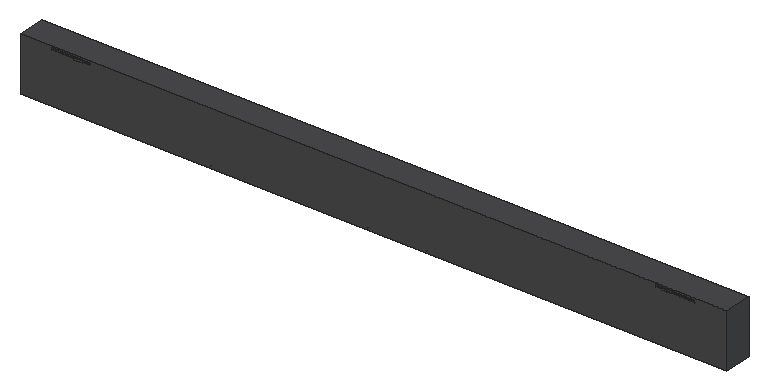
Revit family "DOT BLOCK CEILLING 946_DTSM40N9.1.24", category Luminarias, Revit 2019
Family settings
  Cota de conector redondo = Diámetro de uso
  Tipo de pieza = Normal
  Se basa en plano de trabajo = Sí
  Siempre vertical = Sí
  Corte con vacíos al cargar = No
  Origen de luz = Sí
  Compartido = No
  Punto de cálculo de habitación = No
Parameters (values of type "DOT BLOCK CEILLING 946_DTSM40N9.1.24")
  Ángulo de inclinación = 60.00°
  Zone [instance] = ""
  Watt per fixture = 40
  Wattage = 40 W
  built-in parameter 1150107 = 4000 (stored number, unit not read)
  built-in parameter 1150110 = 1 (stored number, unit not read)
  built-in parameter 1150109 = 1 (stored number, unit not read)
  built-in parameter 1150112 = 1 (stored number, unit not read)
  built-in parameter 1150113 = 1 (stored number, unit not read)
  built-in parameter 1114218 = 1 (stored number, unit not read)
  Keynote = ""
  built-in parameter 1150137 = (empty or 0)
  built-in parameter 1150132 = (empty or 0)
  Modelo = "DTSM40N9.1.24"
  Lámpara = "3030SMD PHILIPS"
  built-in parameter 1150105 = 261.01 (stored number, unit not read)
  built-in parameter 1150102 = (empty or 0)
  built-in parameter 1150106 = 2.6101 (stored number, unit not read)
  Lumens = 3280 lm
  Color Filter = 16777215
  built-in parameter 1114217 = 1 (stored number, unit not read)
  built-in parameter 1150139 = (empty or 0)
  Fabricante = "BRILLANT"
  Default Elevation = 1219.2 mm
  built-in parameter 1150104 = 7.618 (stored number, unit not read)
  Descripción = "LUMINARIA DOWNLIGHT EN FORMATO RECTANGULAR PARA SOBREPONER DIRECTO EN TECHO, CUERPO DE ALUMINIO ACABADO EN COLOR NEGRO, IP 20, PESO 1.98Kg, TIPO DE LED 3030SMD PHILIPS CON 40W TOTAL, 3200 LUMENES, 82LM/W, IRC 90, TEMPERATURA EN BLANCO FRIO 4000K, 50 MIL HORAS DE VIDA PROMEDIO, APERTURA DE 24 GRADOS POR STOCK, ALIMENTADO A 90-240V"
  built-in parameter 1150115 = 1 (stored number, unit not read)
  built-in parameter 1150114 = 1 (stored number, unit not read)
  Comentarios de vataje = "90-240V"
  built-in parameter 1150138 = (empty or 0)
  built-in parameter 1150134 = 12
  Circuit [instance] = ""
  Dimming Lamp Color Temperature Shift = (empty or 0)
  Archivo de red fotométrica = "L964A-40W-840-B-24_IESNA95.IES"
  built-in parameter 1150133 = 10 (stored number, unit not read)
Reference planes
  plane 1 "Centro (Frontal/Posterior)": y = 0
  plane 2: z = 0
  plane 3 "Centro (Izquierda/Derecha)": x = 0
Forms (mm)
  Extrusion 1, solid, material "Default Form", not visible
    sketch origin (0, 0, 0) x (1, 0, 0) y (0, 0, 1)
      loop
        line (-473, 0) -> (-473, -72) -> (473, -72) -> (473, 0) -> (-473, 0)
    from -18.326 to 18.326
  Blend 2, void, not visible
    base sketch origin (-293.63, 0, 0) x (1, 0, 0) y (0, 1, 0)
      loop
        line (-162, 16.149) -> (-162, -16.149) -> (-144.14, -16.149) -> (-144.14, 16.149) -> (-162, 16.149)
    top sketch origin (-293.63, 0, 0) x (1, 0, 0) y (0, 1, 0)
      loop
        line (-160, 12.149) -> (-160, -12.149) -> (-146.14, -12.149) -> (-146.14, 12.149) -> (-160, 12.149)
    from -72 to -61.591
  Blend 3, void, not visible
    base sketch origin (-267.33, 0, 0) x (1, 0, 0) y (0, 1, 0)
      loop
        line (-162, 16.149) -> (-162, -16.149) -> (-144.14, -16.149) -> (-144.14, 16.149) -> (-162, 16.149)
    top sketch origin (-267.33, 0, 0) x (1, 0, 0) y (0, 1, 0)
      loop
        line (-160, 12.149) -> (-160, -12.149) -> (-146.14, -12.149) -> (-146.14, 12.149) -> (-160, 12.149)
    from -72 to -61.591
  Blend 4, void, not visible
    base sketch origin (-241.03, 0, 0) x (1, 0, 0) y (0, 1, 0)
      loop
        line (-162, 16.149) -> (-162, -16.149) -> (-144.14, -16.149) -> (-144.14, 16.149) -> (-162, 16.149)
    top sketch origin (-241.03, 0, 0) x (1, 0, 0) y (0, 1, 0)
      loop
        line (-160, 12.149) -> (-160, -12.149) -> (-146.14, -12.149) -> (-146.14, 12.149) -> (-160, 12.149)
    from -72 to -61.591
  Blend 5, void, not visible
    base sketch origin (-214.73, 0, 0) x (1, 0, 0) y (0, 1, 0)
      loop
        line (-162, 16.149) -> (-162, -16.149) -> (-144.14, -16.149) -> (-144.14, 16.149) -> (-162, 16.149)
    top sketch origin (-214.73, 0, 0) x (1, 0, 0) y (0, 1, 0)
      loop
        line (-160, 12.149) -> (-160, -12.149) -> (-146.14, -12.149) -> (-146.14, 12.149) -> (-160, 12.149)
    from -72 to -61.591
  Blend 6, void, not visible
    base sketch origin (-188.43, 0, 0) x (1, 0, 0) y (0, 1, 0)
      loop
        line (-162, 16.149) -> (-162, -16.149) -> (-144.14, -16.149) -> (-144.14, 16.149) -> (-162, 16.149)
    top sketch origin (-188.43, 0, 0) x (1, 0, 0) y (0, 1, 0)
      loop
        line (-160, 12.149) -> (-160, -12.149) -> (-146.14, -12.149) -> (-146.14, 12.149) -> (-160, 12.149)
    from -72 to -61.591
  Blend 7, void, not visible
    base sketch origin (-162.13, 0, 0) x (1, 0, 0) y (0, 1, 0)
      loop
        line (-162, 16.149) -> (-162, -16.149) -> (-144.14, -16.149) -> (-144.14, 16.149) -> (-162, 16.149)
    top sketch origin (-162.13, 0, 0) x (1, 0, 0) y (0, 1, 0)
      loop
        line (-160, 12.149) -> (-160, -12.149) -> (-146.14, -12.149) -> (-146.14, 12.149) -> (-160, 12.149)
    from -72 to -61.591
  Blend 8, void, not visible
    base sketch origin (-135.83, 0, 0) x (1, 0, 0) y (0, 1, 0)
      loop
        line (-162, 16.149) -> (-162, -16.149) -> (-144.14, -16.149) -> (-144.14, 16.149) -> (-162, 16.149)
    top sketch origin (-135.83, 0, 0) x (1, 0, 0) y (0, 1, 0)
      loop
        line (-160, 12.149) -> (-160, -12.149) -> (-146.14, -12.149) -> (-146.14, 12.149) -> (-160, 12.149)
    from -72 to -61.591
  Blend 9, void, not visible
    base sketch origin (-109.53, 0, 0) x (1, 0, 0) y (0, 1, 0)
      loop
        line (-162, 16.149) -> (-162, -16.149) -> (-144.14, -16.149) -> (-144.14, 16.149) -> (-162, 16.149)
    top sketch origin (-109.53, 0, 0) x (1, 0, 0) y (0, 1, 0)
      loop
        line (-160, 12.149) -> (-160, -12.149) -> (-146.14, -12.149) -> (-146.14, 12.149) -> (-160, 12.149)
    from -72 to -61.591
  Blend 10, void, not visible
    base sketch origin (-83.23, 0, 0) x (1, 0, 0) y (0, 1, 0)
      loop
        line (-162, 16.149) -> (-162, -16.149) -> (-144.14, -16.149) -> (-144.14, 16.149) -> (-162, 16.149)
    top sketch origin (-83.23, 0, 0) x (1, 0, 0) y (0, 1, 0)
      loop
        line (-160, 12.149) -> (-160, -12.149) -> (-146.14, -12.149) -> (-146.14, 12.149) -> (-160, 12.149)
    from -72 to -61.591
  Blend 11, void, not visible
    base sketch origin (-56.93, 0, 0) x (1, 0, 0) y (0, 1, 0)
      loop
        line (-162, 16.149) -> (-162, -16.149) -> (-144.14, -16.149) -> (-144.14, 16.149) -> (-162, 16.149)
    top sketch origin (-56.93, 0, 0) x (1, 0, 0) y (0, 1, 0)
      loop
        line (-160, 12.149) -> (-160, -12.149) -> (-146.14, -12.149) -> (-146.14, 12.149) -> (-160, 12.149)
    from -72 to -61.591
  Blend 12, void, not visible
    base sketch origin (-30.63, 0, 0) x (1, 0, 0) y (0, 1, 0)
      loop
        line (-162, 16.149) -> (-162, -16.149) -> (-144.14, -16.149) -> (-144.14, 16.149) -> (-162, 16.149)
    top sketch origin (-30.63, 0, 0) x (1, 0, 0) y (0, 1, 0)
      loop
        line (-160, 12.149) -> (-160, -12.149) -> (-146.14, -12.149) -> (-146.14, 12.149) -> (-160, 12.149)
    from -72 to -61.591
  Blend 13, void, not visible
    base sketch origin (-4.33, 0, 0) x (1, 0, 0) y (0, 1, 0)
      loop
        line (-162, 16.149) -> (-162, -16.149) -> (-144.14, -16.149) -> (-144.14, 16.149) -> (-162, 16.149)
    top sketch origin (-4.33, 0, 0) x (1, 0, 0) y (0, 1, 0)
      loop
        line (-160, 12.149) -> (-160, -12.149) -> (-146.14, -12.149) -> (-146.14, 12.149) -> (-160, 12.149)
    from -72 to -61.591
  Blend 14, void, not visible
    base sketch origin (21.97, 0, 0) x (1, 0, 0) y (0, 1, 0)
      loop
        line (-162, 16.149) -> (-162, -16.149) -> (-144.14, -16.149) -> (-144.14, 16.149) -> (-162, 16.149)
    top sketch origin (21.97, 0, 0) x (1, 0, 0) y (0, 1, 0)
      loop
        line (-160, 12.149) -> (-160, -12.149) -> (-146.14, -12.149) -> (-146.14, 12.149) -> (-160, 12.149)
    from -72 to -61.591
  Blend 15, void, not visible
    base sketch origin (48.27, 0, 0) x (1, 0, 0) y (0, 1, 0)
      loop
        line (-162, 16.149) -> (-162, -16.149) -> (-144.14, -16.149) -> (-144.14, 16.149) -> (-162, 16.149)
    top sketch origin (48.27, 0, 0) x (1, 0, 0) y (0, 1, 0)
      loop
        line (-160, 12.149) -> (-160, -12.149) -> (-146.14, -12.149) -> (-146.14, 12.149) -> (-160, 12.149)
    from -72 to -61.591
  Blend 16, void, not visible
    base sketch origin (74.57, 0, 0) x (1, 0, 0) y (0, 1, 0)
      loop
        line (-162, 16.149) -> (-162, -16.149) -> (-144.14, -16.149) -> (-144.14, 16.149) -> (-162, 16.149)
    top sketch origin (74.57, 0, 0) x (1, 0, 0) y (0, 1, 0)
      loop
        line (-160, 12.149) -> (-160, -12.149) -> (-146.14, -12.149) -> (-146.14, 12.149) -> (-160, 12.149)
    from -72 to -61.591
  Blend 17, void, not visible
    base sketch origin (100.87, 0, 0) x (1, 0, 0) y (0, 1, 0)
      loop
        line (-162, 16.149) -> (-162, -16.149) -> (-144.14, -16.149) -> (-144.14, 16.149) -> (-162, 16.149)
    top sketch origin (100.87, 0, 0) x (1, 0, 0) y (0, 1, 0)
      loop
        line (-160, 12.149) -> (-160, -12.149) -> (-146.14, -12.149) -> (-146.14, 12.149) -> (-160, 12.149)
    from -72 to -61.591
  Blend 18, void, not visible
    base sketch origin (127.17, 0, 0) x (1, 0, 0) y (0, 1, 0)
      loop
        line (-162, 16.149) -> (-162, -16.149) -> (-144.14, -16.149) -> (-144.14, 16.149) -> (-162, 16.149)
    top sketch origin (127.17, 0, 0) x (1, 0, 0) y (0, 1, 0)
      loop
        line (-160, 12.149) -> (-160, -12.149) -> (-146.14, -12.149) -> (-146.14, 12.149) -> (-160, 12.149)
    from -72 to -61.591
  Blend 19, void, not visible
    base sketch origin (153.47, 0, 0) x (1, 0, 0) y (0, 1, 0)
      loop
        line (-162, 16.149) -> (-162, -16.149) -> (-144.14, -16.149) -> (-144.14, 16.149) -> (-162, 16.149)
    top sketch origin (153.47, 0, 0) x (1, 0, 0) y (0, 1, 0)
      loop
        line (-160, 12.149) -> (-160, -12.149) -> (-146.14, -12.149) -> (-146.14, 12.149) -> (-160, 12.149)
    from -72 to -61.591
  Blend 20, void, not visible
    base sketch origin (179.77, 0, 0) x (1, 0, 0) y (0, 1, 0)
      loop
        line (-162, 16.149) -> (-162, -16.149) -> (-144.14, -16.149) -> (-144.14, 16.149) -> (-162, 16.149)
    top sketch origin (179.77, 0, 0) x (1, 0, 0) y (0, 1, 0)
      loop
        line (-160, 12.149) -> (-160, -12.149) -> (-146.14, -12.149) -> (-146.14, 12.149) -> (-160, 12.149)
    from -72 to -61.591
  Blend 21, void, not visible
    base sketch origin (206.07, 0, 0) x (1, 0, 0) y (0, 1, 0)
      loop
        line (-162, 16.149) -> (-162, -16.149) -> (-144.14, -16.149) -> (-144.14, 16.149) -> (-162, 16.149)
    top sketch origin (206.07, 0, 0) x (1, 0, 0) y (0, 1, 0)
      loop
        line (-160, 12.149) -> (-160, -12.149) -> (-146.14, -12.149) -> (-146.14, 12.149) -> (-160, 12.149)
    from -72 to -61.591
  Blend 22, void, not visible
    base sketch origin (232.37, 0, 0) x (1, 0, 0) y (0, 1, 0)
      loop
        line (-162, 16.149) -> (-162, -16.149) -> (-144.14, -16.149) -> (-144.14, 16.149) -> (-162, 16.149)
    top sketch origin (232.37, 0, 0) x (1, 0, 0) y (0, 1, 0)
      loop
        line (-160, 12.149) -> (-160, -12.149) -> (-146.14, -12.149) -> (-146.14, 12.149) -> (-160, 12.149)
    from -72 to -61.591
  Blend 23, void, not visible
    base sketch origin (258.67, 0, 0) x (1, 0, 0) y (0, 1, 0)
      loop
        line (-162, 16.149) -> (-162, -16.149) -> (-144.14, -16.149) -> (-144.14, 16.149) -> (-162, 16.149)
    top sketch origin (258.67, 0, 0) x (1, 0, 0) y (0, 1, 0)
      loop
        line (-160, 12.149) -> (-160, -12.149) -> (-146.14, -12.149) -> (-146.14, 12.149) -> (-160, 12.149)
    from -72 to -61.591
  Blend 24, void, not visible
    base sketch origin (284.97, 0, 0) x (1, 0, 0) y (0, 1, 0)
      loop
        line (-162, 16.149) -> (-162, -16.149) -> (-144.14, -16.149) -> (-144.14, 16.149) -> (-162, 16.149)
    top sketch origin (284.97, 0, 0) x (1, 0, 0) y (0, 1, 0)
      loop
        line (-160, 12.149) -> (-160, -12.149) -> (-146.14, -12.149) -> (-146.14, 12.149) -> (-160, 12.149)
    from -72 to -61.591
  Blend 25, void, not visible
    base sketch origin (311.27, 0, 0) x (1, 0, 0) y (0, 1, 0)
      loop
        line (-162, 16.149) -> (-162, -16.149) -> (-144.14, -16.149) -> (-144.14, 16.149) -> (-162, 16.149)
    top sketch origin (311.27, 0, 0) x (1, 0, 0) y (0, 1, 0)
      loop
        line (-160, 12.149) -> (-160, -12.149) -> (-146.14, -12.149) -> (-146.14, 12.149) -> (-160, 12.149)
    from -72 to -61.591
  Blend 26, void, not visible
    base sketch origin (337.57, 0, 0) x (1, 0, 0) y (0, 1, 0)
      loop
        line (-162, 16.149) -> (-162, -16.149) -> (-144.14, -16.149) -> (-144.14, 16.149) -> (-162, 16.149)
    top sketch origin (337.57, 0, 0) x (1, 0, 0) y (0, 1, 0)
      loop
        line (-160, 12.149) -> (-160, -12.149) -> (-146.14, -12.149) -> (-146.14, 12.149) -> (-160, 12.149)
    from -72 to -61.591
  Blend 27, void, not visible
    base sketch origin (363.87, 0, 0) x (1, 0, 0) y (0, 1, 0)
      loop
        line (-162, 16.149) -> (-162, -16.149) -> (-144.14, -16.149) -> (-144.14, 16.149) -> (-162, 16.149)
    top sketch origin (363.87, 0, 0) x (1, 0, 0) y (0, 1, 0)
      loop
        line (-160, 12.149) -> (-160, -12.149) -> (-146.14, -12.149) -> (-146.14, 12.149) -> (-160, 12.149)
    from -72 to -61.591
  Blend 28, void, not visible
    base sketch origin (390.17, 0, 0) x (1, 0, 0) y (0, 1, 0)
      loop
        line (-162, 16.149) -> (-162, -16.149) -> (-144.14, -16.149) -> (-144.14, 16.149) -> (-162, 16.149)
    top sketch origin (390.17, 0, 0) x (1, 0, 0) y (0, 1, 0)
      loop
        line (-160, 12.149) -> (-160, -12.149) -> (-146.14, -12.149) -> (-146.14, 12.149) -> (-160, 12.149)
    from -72 to -61.591
  Blend 29, void, not visible
    base sketch origin (416.47, 0, 0) x (1, 0, 0) y (0, 1, 0)
      loop
        line (-162, 16.149) -> (-162, -16.149) -> (-144.14, -16.149) -> (-144.14, 16.149) -> (-162, 16.149)
    top sketch origin (416.47, 0, 0) x (1, 0, 0) y (0, 1, 0)
      loop
        line (-160, 12.149) -> (-160, -12.149) -> (-146.14, -12.149) -> (-146.14, 12.149) -> (-160, 12.149)
    from -72 to -61.591
  Blend 30, void, not visible
    base sketch origin (442.77, 0, 0) x (1, 0, 0) y (0, 1, 0)
      loop
        line (-162, 16.149) -> (-162, -16.149) -> (-144.14, -16.149) -> (-144.14, 16.149) -> (-162, 16.149)
    top sketch origin (442.77, 0, 0) x (1, 0, 0) y (0, 1, 0)
      loop
        line (-160, 12.149) -> (-160, -12.149) -> (-146.14, -12.149) -> (-146.14, 12.149) -> (-160, 12.149)
    from -72 to -61.591
  Blend 31, void, not visible
    base sketch origin (469.07, 0, 0) x (1, 0, 0) y (0, 1, 0)
      loop
        line (-162, 16.149) -> (-162, -16.149) -> (-144.14, -16.149) -> (-144.14, 16.149) -> (-162, 16.149)
    top sketch origin (469.07, 0, 0) x (1, 0, 0) y (0, 1, 0)
      loop
        line (-160, 12.149) -> (-160, -12.149) -> (-146.14, -12.149) -> (-146.14, 12.149) -> (-160, 12.149)
    from -72 to -61.591
  Blend 32, void, not visible
    base sketch origin (495.37, 0, 0) x (1, 0, 0) y (0, 1, 0)
      loop
        line (-162, 16.149) -> (-162, -16.149) -> (-144.14, -16.149) -> (-144.14, 16.149) -> (-162, 16.149)
    top sketch origin (495.37, 0, 0) x (1, 0, 0) y (0, 1, 0)
      loop
        line (-160, 12.149) -> (-160, -12.149) -> (-146.14, -12.149) -> (-146.14, 12.149) -> (-160, 12.149)
    from -72 to -61.591
  Blend 33, void, not visible
    base sketch origin (521.67, 0, 0) x (1, 0, 0) y (0, 1, 0)
      loop
        line (-162, 16.149) -> (-162, -16.149) -> (-144.14, -16.149) -> (-144.14, 16.149) -> (-162, 16.149)
    top sketch origin (521.67, 0, 0) x (1, 0, 0) y (0, 1, 0)
      loop
        line (-160, 12.149) -> (-160, -12.149) -> (-146.14, -12.149) -> (-146.14, 12.149) -> (-160, 12.149)
    from -72 to -61.591
  Blend 34, void, not visible
    base sketch origin (547.97, 0, 0) x (1, 0, 0) y (0, 1, 0)
      loop
        line (-162, 16.149) -> (-162, -16.149) -> (-144.14, -16.149) -> (-144.14, 16.149) -> (-162, 16.149)
    top sketch origin (547.97, 0, 0) x (1, 0, 0) y (0, 1, 0)
      loop
        line (-160, 12.149) -> (-160, -12.149) -> (-146.14, -12.149) -> (-146.14, 12.149) -> (-160, 12.149)
    from -72 to -61.591
  Blend 35, void, not visible
    base sketch origin (574.27, 0, 0) x (1, 0, 0) y (0, 1, 0)
      loop
        line (-162, 16.149) -> (-162, -16.149) -> (-144.14, -16.149) -> (-144.14, 16.149) -> (-162, 16.149)
    top sketch origin (574.27, 0, 0) x (1, 0, 0) y (0, 1, 0)
      loop
        line (-160, 12.149) -> (-160, -12.149) -> (-146.14, -12.149) -> (-146.14, 12.149) -> (-160, 12.149)
    from -72 to -61.591
  Blend 36, void, not visible
    base sketch origin (600.57, 0, 0) x (1, 0, 0) y (0, 1, 0)
      loop
        line (-162, 16.149) -> (-162, -16.149) -> (-144.14, -16.149) -> (-144.14, 16.149) -> (-162, 16.149)
    top sketch origin (600.57, 0, 0) x (1, 0, 0) y (0, 1, 0)
      loop
        line (-160, 12.149) -> (-160, -12.149) -> (-146.14, -12.149) -> (-146.14, 12.149) -> (-160, 12.149)
    from -72 to -61.591
  Extrusion 37, solid, not visible
    sketch origin (-463.861, 0, 3.217) x (0, -1, 0) y (0, 0, -1)
      loop
        line (18.326, 3.217) -> (-18.326, 3.217) -> (-18.326, 73.917) -> (-32.183, 73.917) -> (-32.183, 72.617) -> (-19.626, 72.617) -> (-19.626, 1.917) -> (19.626, 1.917) -> (19.626, 72.617) -> (32.183, 72.617) -> (32.183, 73.917) -> (18.326, 73.917) -> (18.326, 3.217)
    from 89.098 to 128.24
  Extrusion 38, solid, not visible
    sketch origin (-246.523, 0, 3.217) x (0, -1, 0) y (0, 0, 1)
      loop
        line (-19.626, -1.917) -> (19.626, -1.917) -> (19.626, -63.89) -> (20.426, -63.89) -> (20.426, -1.117) -> (-20.426, -1.117) -> (-20.426, -63.89) -> (-19.626, -63.89) -> (-19.626, -1.917)
    from 122.954 to 124.098
  Extrusion 39, solid, not visible
    sketch origin (-463.861, 0, 3.217) x (0, -1, 0) y (0, 0, -1)
      loop
        line (-19.626, 1.917) -> (-19.626, 63.89) -> (-20.426, 63.89) -> (-20.426, 1.117) -> (20.426, 1.117) -> (20.426, 63.89) -> (19.626, 63.89) -> (19.626, 1.917) -> (-19.626, 1.917)
    from 122.954 to 124.098
  Extrusion 40, void, not visible
    sketch origin (0, 0, 0) x (1, 0, 0) y (0, 1, 0)
      loop
        circle (-363.799, -25.904) r 2.055
      loop
        circle (-346.585, -25.904) r 2.055
      loop
        circle (-363.799, 25.904) r 2.055
      loop
        circle (-346.585, 25.904) r 2.055
    from -70.7 to -69.4
  Blend 41, void
    base sketch origin (74.57, 130.851, 72) x (1, 0, 0) y (0, 1, 0)
      loop
        line (-162, -147) -> (-144.14, -147) -> (-144.14, -114.702) -> (-162, -114.702) -> (-162, -147)
    top sketch origin (74.57, 130.851, 72) x (1, 0, 0) y (0, 1, 0)
      loop
        line (-160, -143) -> (-146.14, -143) -> (-146.14, -118.702) -> (-160, -118.702) -> (-160, -143)
    from -72 to -61.591
  Blend 42, void
    base sketch origin (100.87, 130.851, 72) x (1, 0, 0) y (0, 1, 0)
      loop
        line (-162, -147) -> (-144.14, -147) -> (-144.14, -114.702) -> (-162, -114.702) -> (-162, -147)
    top sketch origin (100.87, 130.851, 72) x (1, 0, 0) y (0, 1, 0)
      loop
        line (-160, -143) -> (-146.14, -143) -> (-146.14, -118.702) -> (-160, -118.702) -> (-160, -143)
    from -72 to -61.591
  Blend 43, void
    base sketch origin (127.17, 130.851, 72) x (1, 0, 0) y (0, 1, 0)
      loop
        line (-162, -147) -> (-144.14, -147) -> (-144.14, -114.702) -> (-162, -114.702) -> (-162, -147)
    top sketch origin (127.17, 130.851, 72) x (1, 0, 0) y (0, 1, 0)
      loop
        line (-160, -143) -> (-146.14, -143) -> (-146.14, -118.702) -> (-160, -118.702) -> (-160, -143)
    from -72 to -61.591
  Blend 44, void
    base sketch origin (153.47, 130.851, 72) x (1, 0, 0) y (0, 1, 0)
      loop
        line (-162, -147) -> (-144.14, -147) -> (-144.14, -114.702) -> (-162, -114.702) -> (-162, -147)
    top sketch origin (153.47, 130.851, 72) x (1, 0, 0) y (0, 1, 0)
      loop
        line (-160, -143) -> (-146.14, -143) -> (-146.14, -118.702) -> (-160, -118.702) -> (-160, -143)
    from -72 to -61.591
  Blend 45, void
    base sketch origin (179.77, 130.851, 72) x (1, 0, 0) y (0, 1, 0)
      loop
        line (-162, -147) -> (-144.14, -147) -> (-144.14, -114.702) -> (-162, -114.702) -> (-162, -147)
    top sketch origin (179.77, 130.851, 72) x (1, 0, 0) y (0, 1, 0)
      loop
        line (-160, -143) -> (-146.14, -143) -> (-146.14, -118.702) -> (-160, -118.702) -> (-160, -143)
    from -72 to -61.591
  Blend 46, void
    base sketch origin (206.07, 130.851, 72) x (1, 0, 0) y (0, 1, 0)
      loop
        line (-162, -147) -> (-144.14, -147) -> (-144.14, -114.702) -> (-162, -114.702) -> (-162, -147)
    top sketch origin (206.07, 130.851, 72) x (1, 0, 0) y (0, 1, 0)
      loop
        line (-160, -143) -> (-146.14, -143) -> (-146.14, -118.702) -> (-160, -118.702) -> (-160, -143)
    from -72 to -61.591
  Blend 47, void
    base sketch origin (232.37, 130.851, 72) x (1, 0, 0) y (0, 1, 0)
      loop
        line (-162, -147) -> (-144.14, -147) -> (-144.14, -114.702) -> (-162, -114.702) -> (-162, -147)
    top sketch origin (232.37, 130.851, 72) x (1, 0, 0) y (0, 1, 0)
      loop
        line (-160, -143) -> (-146.14, -143) -> (-146.14, -118.702) -> (-160, -118.702) -> (-160, -143)
    from -72 to -61.591
  Extrusion 48, solid, material "Default Form"
    sketch origin (0, 0, 72) x (1, 0, 0) y (0, 0, -1)
      loop
        line (-473, 0) -> (473, 0) -> (473, 72) -> (-473, 72) -> (-473, 0)
    from -18.326 to 18.326
  Blend 49, void
    base sketch origin (258.67, 130.851, 72) x (1, 0, 0) y (0, 1, 0)
      loop
        line (-162, -147) -> (-144.14, -147) -> (-144.14, -114.702) -> (-162, -114.702) -> (-162, -147)
    top sketch origin (258.67, 130.851, 72) x (1, 0, 0) y (0, 1, 0)
      loop
        line (-160, -143) -> (-146.14, -143) -> (-146.14, -118.702) -> (-160, -118.702) -> (-160, -143)
    from -72 to -61.591
  Blend 50, void
    base sketch origin (284.97, 130.851, 72) x (1, 0, 0) y (0, 1, 0)
      loop
        line (-162, -147) -> (-144.14, -147) -> (-144.14, -114.702) -> (-162, -114.702) -> (-162, -147)
    top sketch origin (284.97, 130.851, 72) x (1, 0, 0) y (0, 1, 0)
      loop
        line (-160, -143) -> (-146.14, -143) -> (-146.14, -118.702) -> (-160, -118.702) -> (-160, -143)
    from -72 to -61.591
  Blend 51, void
    base sketch origin (21.97, 130.851, 72) x (1, 0, 0) y (0, 1, 0)
      loop
        line (-162, -147) -> (-144.14, -147) -> (-144.14, -114.702) -> (-162, -114.702) -> (-162, -147)
    top sketch origin (21.97, 130.851, 72) x (1, 0, 0) y (0, 1, 0)
      loop
        line (-160, -143) -> (-146.14, -143) -> (-146.14, -118.702) -> (-160, -118.702) -> (-160, -143)
    from -72 to -61.591
  Blend 52, void
    base sketch origin (48.27, 130.851, 72) x (1, 0, 0) y (0, 1, 0)
      loop
        line (-162, -147) -> (-144.14, -147) -> (-144.14, -114.702) -> (-162, -114.702) -> (-162, -147)
    top sketch origin (48.27, 130.851, 72) x (1, 0, 0) y (0, 1, 0)
      loop
        line (-160, -143) -> (-146.14, -143) -> (-146.14, -118.702) -> (-160, -118.702) -> (-160, -143)
    from -72 to -61.591
  Extrusion 53, void
    sketch origin (-308.75, 0, 0) x (1, 0, 0) y (0, 1, 0)
      loop
        line (-122.17, -18.326) -> (-69.57, -18.326) -> (-69.57, -16.149) -> (-122.17, -16.149) -> (-122.17, -18.326)
      loop
        line (-122.17, 18.326) -> (-122.17, 16.149) -> (-69.57, 16.149) -> (-69.57, 18.326) -> (-122.17, 18.326)
    from 66.852 to 70.535
  Extrusion 54, solid, material "Default Form"
    sketch origin (-25, 0, 0) x (1, 0, 0) y (0, 1, 0)
      loop
        line (-362.305, -16.149) -> (-363.639, -16.149) -> (-363.639, -18.326) -> (-374.139, -18.326) -> (-374.139, -20.238) -> (-362.305, -20.238) -> (-362.305, -16.149)
      loop
        line (-362.305, 16.149) -> (-362.305, 20.238) -> (-374.139, 20.238) -> (-374.139, 18.326) -> (-363.639, 18.326) -> (-363.639, 16.149) -> (-362.305, 16.149)
      loop
        line (412.305, -16.149) -> (412.305, -20.238) -> (424.139, -20.238) -> (424.139, -18.326) -> (413.639, -18.326) -> (413.639, -16.149) -> (412.305, -16.149)
      loop
        line (412.305, 16.149) -> (413.639, 16.149) -> (413.639, 18.326) -> (424.139, 18.326) -> (424.139, 20.238) -> (412.305, 20.238) -> (412.305, 16.149)
    from 67.466 to 69.773
  Extrusion 55, void
    sketch origin (308.75, 0, 0) x (-1, 0, 0) y (0, -1, 0)
      loop
        line (-122.17, 18.326) -> (-122.17, 16.149) -> (-69.57, 16.149) -> (-69.57, 18.326) -> (-122.17, 18.326)
      loop
        line (-122.17, -18.326) -> (-69.57, -18.326) -> (-69.57, -16.149) -> (-122.17, -16.149) -> (-122.17, -18.326)
    from 66.852 to 70.535
  Blend 56, void
    base sketch origin (-56.93, 130.851, 72) x (1, 0, 0) y (0, 1, 0)
      loop
        line (-162, -147) -> (-144.14, -147) -> (-144.14, -114.702) -> (-162, -114.702) -> (-162, -147)
    top sketch origin (-56.93, 130.851, 72) x (1, 0, 0) y (0, 1, 0)
      loop
        line (-160, -143) -> (-146.14, -143) -> (-146.14, -118.702) -> (-160, -118.702) -> (-160, -143)
    from -72 to -61.591
  Blend 57, void
    base sketch origin (-30.63, 130.851, 72) x (1, 0, 0) y (0, 1, 0)
      loop
        line (-162, -147) -> (-144.14, -147) -> (-144.14, -114.702) -> (-162, -114.702) -> (-162, -147)
    top sketch origin (-30.63, 130.851, 72) x (1, 0, 0) y (0, 1, 0)
      loop
        line (-160, -143) -> (-146.14, -143) -> (-146.14, -118.702) -> (-160, -118.702) -> (-160, -143)
    from -72 to -61.591
  Blend 58, void
    base sketch origin (-4.33, 130.851, 72) x (1, 0, 0) y (0, 1, 0)
      loop
        line (-162, -147) -> (-144.14, -147) -> (-144.14, -114.702) -> (-162, -114.702) -> (-162, -147)
    top sketch origin (-4.33, 130.851, 72) x (1, 0, 0) y (0, 1, 0)
      loop
        line (-160, -143) -> (-146.14, -143) -> (-146.14, -118.702) -> (-160, -118.702) -> (-160, -143)
    from -72 to -61.591
  Blend 59, void
    base sketch origin (-109.53, 130.851, 72) x (1, 0, 0) y (0, 1, 0)
      loop
        line (-162, -147) -> (-144.14, -147) -> (-144.14, -114.702) -> (-162, -114.702) -> (-162, -147)
    top sketch origin (-109.53, 130.851, 72) x (1, 0, 0) y (0, 1, 0)
      loop
        line (-160, -143) -> (-146.14, -143) -> (-146.14, -118.702) -> (-160, -118.702) -> (-160, -143)
    from -72 to -61.591
  Blend 60, void
    base sketch origin (-83.23, 130.851, 72) x (1, 0, 0) y (0, 1, 0)
      loop
        line (-162, -147) -> (-144.14, -147) -> (-144.14, -114.702) -> (-162, -114.702) -> (-162, -147)
    top sketch origin (-83.23, 130.851, 72) x (1, 0, 0) y (0, 1, 0)
      loop
        line (-160, -143) -> (-146.14, -143) -> (-146.14, -118.702) -> (-160, -118.702) -> (-160, -143)
    from -72 to -61.591
  Blend 61, void
    base sketch origin (-135.83, 130.851, 72) x (1, 0, 0) y (0, 1, 0)
      loop
        line (-162, -147) -> (-144.14, -147) -> (-144.14, -114.702) -> (-162, -114.702) -> (-162, -147)
    top sketch origin (-135.83, 130.851, 72) x (1, 0, 0) y (0, 1, 0)
      loop
        line (-160, -143) -> (-146.14, -143) -> (-146.14, -118.702) -> (-160, -118.702) -> (-160, -143)
    from -72 to -61.591
  Blend 62, void
    base sketch origin (-188.43, 130.851, 72) x (1, 0, 0) y (0, 1, 0)
      loop
        line (-162, -147) -> (-144.14, -147) -> (-144.14, -114.702) -> (-162, -114.702) -> (-162, -147)
    top sketch origin (-188.43, 130.851, 72) x (1, 0, 0) y (0, 1, 0)
      loop
        line (-160, -143) -> (-146.14, -143) -> (-146.14, -118.702) -> (-160, -118.702) -> (-160, -143)
    from -72 to -61.591
  Blend 63, void
    base sketch origin (-162.13, 130.851, 72) x (1, 0, 0) y (0, 1, 0)
      loop
        line (-162, -147) -> (-144.14, -147) -> (-144.14, -114.702) -> (-162, -114.702) -> (-162, -147)
    top sketch origin (-162.13, 130.851, 72) x (1, 0, 0) y (0, 1, 0)
      loop
        line (-160, -143) -> (-146.14, -143) -> (-146.14, -118.702) -> (-160, -118.702) -> (-160, -143)
    from -72 to -61.591
  Blend 64, void
    base sketch origin (311.27, 130.851, 72) x (1, 0, 0) y (0, 1, 0)
      loop
        line (-162, -147) -> (-144.14, -147) -> (-144.14, -114.702) -> (-162, -114.702) -> (-162, -147)
    top sketch origin (311.27, 130.851, 72) x (1, 0, 0) y (0, 1, 0)
      loop
        line (-160, -143) -> (-146.14, -143) -> (-146.14, -118.702) -> (-160, -118.702) -> (-160, -143)
    from -72 to -61.591
  Blend 65, void
    base sketch origin (337.57, 130.851, 72) x (1, 0, 0) y (0, 1, 0)
      loop
        line (-162, -147) -> (-144.14, -147) -> (-144.14, -114.702) -> (-162, -114.702) -> (-162, -147)
    top sketch origin (337.57, 130.851, 72) x (1, 0, 0) y (0, 1, 0)
      loop
        line (-160, -143) -> (-146.14, -143) -> (-146.14, -118.702) -> (-160, -118.702) -> (-160, -143)
    from -72 to -61.591
  Blend 66, void
    base sketch origin (363.87, 130.851, 72) x (1, 0, 0) y (0, 1, 0)
      loop
        line (-162, -147) -> (-144.14, -147) -> (-144.14, -114.702) -> (-162, -114.702) -> (-162, -147)
    top sketch origin (363.87, 130.851, 72) x (1, 0, 0) y (0, 1, 0)
      loop
        line (-160, -143) -> (-146.14, -143) -> (-146.14, -118.702) -> (-160, -118.702) -> (-160, -143)
    from -72 to -61.591
  Blend 67, void
    base sketch origin (390.17, 130.851, 72) x (1, 0, 0) y (0, 1, 0)
      loop
        line (-162, -147) -> (-144.14, -147) -> (-144.14, -114.702) -> (-162, -114.702) -> (-162, -147)
    top sketch origin (390.17, 130.851, 72) x (1, 0, 0) y (0, 1, 0)
      loop
        line (-160, -143) -> (-146.14, -143) -> (-146.14, -118.702) -> (-160, -118.702) -> (-160, -143)
    from -72 to -61.591
  Blend 68, void
    base sketch origin (416.47, 130.851, 72) x (1, 0, 0) y (0, 1, 0)
      loop
        line (-162, -147) -> (-144.14, -147) -> (-144.14, -114.702) -> (-162, -114.702) -> (-162, -147)
    top sketch origin (416.47, 130.851, 72) x (1, 0, 0) y (0, 1, 0)
      loop
        line (-160, -143) -> (-146.14, -143) -> (-146.14, -118.702) -> (-160, -118.702) -> (-160, -143)
    from -72 to -61.591
  Blend 69, void
    base sketch origin (442.77, 130.851, 72) x (1, 0, 0) y (0, 1, 0)
      loop
        line (-162, -147) -> (-144.14, -147) -> (-144.14, -114.702) -> (-162, -114.702) -> (-162, -147)
    top sketch origin (442.77, 130.851, 72) x (1, 0, 0) y (0, 1, 0)
      loop
        line (-160, -143) -> (-146.14, -143) -> (-146.14, -118.702) -> (-160, -118.702) -> (-160, -143)
    from -72 to -61.591
  Blend 70, void
    base sketch origin (469.07, 130.851, 72) x (1, 0, 0) y (0, 1, 0)
      loop
        line (-162, -147) -> (-144.14, -147) -> (-144.14, -114.702) -> (-162, -114.702) -> (-162, -147)
    top sketch origin (469.07, 130.851, 72) x (1, 0, 0) y (0, 1, 0)
      loop
        line (-160, -143) -> (-146.14, -143) -> (-146.14, -118.702) -> (-160, -118.702) -> (-160, -143)
    from -72 to -61.591
  Blend 71, void
    base sketch origin (495.37, 130.851, 72) x (1, 0, 0) y (0, 1, 0)
      loop
        line (-162, -147) -> (-144.14, -147) -> (-144.14, -114.702) -> (-162, -114.702) -> (-162, -147)
    top sketch origin (495.37, 130.851, 72) x (1, 0, 0) y (0, 1, 0)
      loop
        line (-160, -143) -> (-146.14, -143) -> (-146.14, -118.702) -> (-160, -118.702) -> (-160, -143)
    from -72 to -61.591
  Blend 72, void
    base sketch origin (-214.73, 130.851, 72) x (1, 0, 0) y (0, 1, 0)
      loop
        line (-162, -147) -> (-144.14, -147) -> (-144.14, -114.702) -> (-162, -114.702) -> (-162, -147)
    top sketch origin (-214.73, 130.851, 72) x (1, 0, 0) y (0, 1, 0)
      loop
        line (-160, -143) -> (-146.14, -143) -> (-146.14, -118.702) -> (-160, -118.702) -> (-160, -143)
    from -72 to -61.591
  Blend 73, void
    base sketch origin (-267.33, 130.851, 72) x (1, 0, 0) y (0, 1, 0)
      loop
        line (-162, -147) -> (-144.14, -147) -> (-144.14, -114.702) -> (-162, -114.702) -> (-162, -147)
    top sketch origin (-267.33, 130.851, 72) x (1, 0, 0) y (0, 1, 0)
      loop
        line (-160, -143) -> (-146.14, -143) -> (-146.14, -118.702) -> (-160, -118.702) -> (-160, -143)
    from -72 to -61.591
  Blend 74, void
    base sketch origin (-241.03, 130.851, 72) x (1, 0, 0) y (0, 1, 0)
      loop
        line (-162, -147) -> (-144.14, -147) -> (-144.14, -114.702) -> (-162, -114.702) -> (-162, -147)
    top sketch origin (-241.03, 130.851, 72) x (1, 0, 0) y (0, 1, 0)
      loop
        line (-160, -143) -> (-146.14, -143) -> (-146.14, -118.702) -> (-160, -118.702) -> (-160, -143)
    from -72 to -61.591
  Blend 75, void
    base sketch origin (-293.63, 130.851, 72) x (1, 0, 0) y (0, 1, 0)
      loop
        line (-162, -147) -> (-144.14, -147) -> (-144.14, -114.702) -> (-162, -114.702) -> (-162, -147)
    top sketch origin (-293.63, 130.851, 72) x (1, 0, 0) y (0, 1, 0)
      loop
        line (-160, -143) -> (-146.14, -143) -> (-146.14, -118.702) -> (-160, -118.702) -> (-160, -143)
    from -72 to -61.591
  Blend 76, void
    base sketch origin (521.67, 130.851, 72) x (1, 0, 0) y (0, 1, 0)
      loop
        line (-162, -147) -> (-144.14, -147) -> (-144.14, -114.702) -> (-162, -114.702) -> (-162, -147)
    top sketch origin (521.67, 130.851, 72) x (1, 0, 0) y (0, 1, 0)
      loop
        line (-160, -143) -> (-146.14, -143) -> (-146.14, -118.702) -> (-160, -118.702) -> (-160, -143)
    from -72 to -61.591
  Blend 77, void
    base sketch origin (547.97, 130.851, 72) x (1, 0, 0) y (0, 1, 0)
      loop
        line (-162, -147) -> (-144.14, -147) -> (-144.14, -114.702) -> (-162, -114.702) -> (-162, -147)
    top sketch origin (547.97, 130.851, 72) x (1, 0, 0) y (0, 1, 0)
      loop
        line (-160, -143) -> (-146.14, -143) -> (-146.14, -118.702) -> (-160, -118.702) -> (-160, -143)
    from -72 to -61.591
  Blend 78, void
    base sketch origin (574.27, 130.851, 72) x (1, 0, 0) y (0, 1, 0)
      loop
        line (-162, -147) -> (-144.14, -147) -> (-144.14, -114.702) -> (-162, -114.702) -> (-162, -147)
    top sketch origin (574.27, 130.851, 72) x (1, 0, 0) y (0, 1, 0)
      loop
        line (-160, -143) -> (-146.14, -143) -> (-146.14, -118.702) -> (-160, -118.702) -> (-160, -143)
    from -72 to -61.591
  Blend 79, void
    base sketch origin (600.57, 130.851, 72) x (1, 0, 0) y (0, 1, 0)
      loop
        line (-162, -147) -> (-144.14, -147) -> (-144.14, -114.702) -> (-162, -114.702) -> (-162, -147)
    top sketch origin (600.57, 130.851, 72) x (1, 0, 0) y (0, 1, 0)
      loop
        line (-160, -143) -> (-146.14, -143) -> (-146.14, -118.702) -> (-160, -118.702) -> (-160, -143)
    from -72 to -61.591
Cuts and joins
  Blend 41, Blend 42, Blend 43, Blend 44, Blend 45, Blend 46, Blend 47, Blend 49, Blend 50, Blend 51, Blend 52, Extrusion 53, Extrusion 55, Blend 56, Blend 57, Blend 58, Blend 59, Blend 60, Blend 61, Blend 62, Blend 63, Blend 64, Blend 65, Blend 66, Blend 67, Blend 68, Blend 69, Blend 70, Blend 71, Blend 72, Blend 73, Blend 74, Blend 75, Blend 76, Blend 77, Blend 78, Blend 79 cuts Extrusion 48
  Extrusion 55 cuts Extrusion 54
Dimensions and locks
  cut or joined group 1 (Blend 41, Blend 42, Blend 43, Blend 44, Blend 45, Blend 46, Blend 47, Extrusion 48, Blend 49, Blend 50, Blend 51, Blend 52, Extrusion 53, Extrusion 55, Blend 56, Blend 57, Blend 58, Blend 59, Blend 60, Blend 61, Blend 62, Blend 63, Blend 64, Blend 65, Blend 66, Blend 67, Blend 68, Blend 69, Blend 70, Blend 71, Blend 72, Blend 73, Blend 74, Blend 75, Blend 76, Blend 77, Blend 78, Blend 79) to cut or joined group 1 = 72 mm  (x2)
  cut or joined group 1 to cut or joined group 1 = 36.651 mm
  cut or joined group 1 to cut or joined group 1 = 946 mm
  cut or joined group 1 to cut or joined group 1 = 42.08 mm  (x2)
  aligned and locked: level to plane 2
Connectors
  electrical at (0, 0, 72)
    settings: on cut or joined group 1, index 1, voltage 0 V, apparent load 0 VA, apparent load phase1 0 VA, apparent load phase2 0 VA, apparent load phase3 0 VA, power factor 1, load classification "Otro", number of poles 1, system type 31, power factor state 1, is connector primary yes, connector utility no, sub classification motor no, connector description ""
